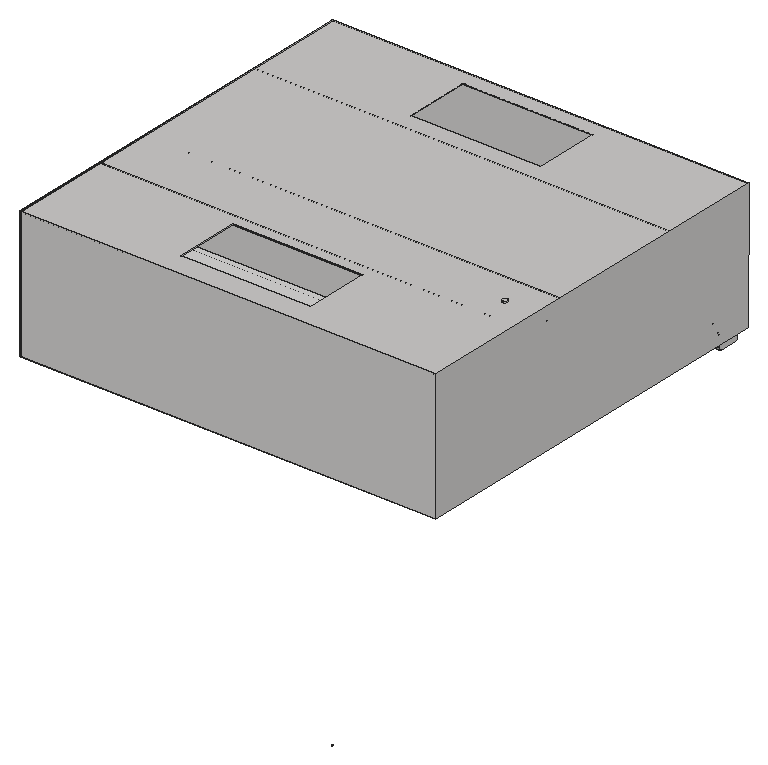
Revit family "QF_ELECTROLUXPROFESSIONAL_641258_STPF1516", category Specialty Equipment, Revit 2014
Reference planes
  plane 1: z = 0
  plane 2 "Center (Left/Right)": x = 150
  plane 3 "LEFT": x = -650
  plane 4 "RIGHT": x = 950
  plane 5 "BACK": y = 550
  plane 6 "TOP": z = 2500
  plane 7 "Base": z = 2000
  plane 8: z = 1955
  plane 9 "DrainY": y = 490
  plane 10: x = -647
  plane 11 "DrainX": x = 830
  plane 12 "AOLeft2": x = 400
  plane 13: x = 947
  plane 14: x = -450
  plane 15: x = 750
  plane 16 "Center (Front/Back)": y = -100
  plane 17 "Front": y = -950
  plane 18 "AOLeft1": x = -100
  plane 19: y = -864
  plane 20: y = -614
  plane 21: y = 240
  plane 22: y = 490
  plane 23 "EI_y": y = -470
  plane 24 "EIx": x = 830
Forms (mm)
  Extrusion 1, solid, material "QF_Finishes_Stainless Steel"
    sketch origin (-650, 0, 360) x (0, 1, 0) y (0, 0, 1)
      loop
        line (550, 1640) -> (550, 2140) -> (-950, 2140) -> (-950, 1640) -> (550, 1640)
    from 0 to 3
  Extrusion 2, solid, material "QF_Finishes_Stainless Steel"
    sketch origin (950, 0, 360) x (0, 1, 0) y (0, 0, 1)
      loop
        line (550, 1640) -> (550, 2140) -> (-950, 2140) -> (-950, 1640) -> (550, 1640)
    from 0 to -3
  Extrusion 3, solid, material "QF_Finishes_Stainless Steel"
    sketch origin (150, 0, 360) x (0, 1, 0) y (0, 0, 1)
      loop
        line (-950, 2140) -> (-950, 1640) -> (-940, 1640) -> (-940, 1640.8) -> (-949.2, 1640.8) -> (-949.2, 2139.19) -> (549.2, 2139.19) -> (549.2, 1640.8) -> (540, 1640.8) -> (540, 1640) -> (550, 1640) -> (550, 2140) -> (-950, 2140)
    from -800 to 800
  Extrusion 4, solid, material "QF_Finishes_Stainless Steel"
    sketch origin (0, 0, 2000) x (0, 1, 0) y (-1, 0, 0)
      loop
        circle (490, -830) r 4.763
    from -30 to 0
  Extrusion 5, void
    sketch origin (0, 0, 2500) x (0, 1, 0) y (-1, 0, 0)
      loop
        line (-614, -400) -> (-614, 100) -> (-864, 100) -> (-864, -400) -> (-614, -400)
    from 0 to -10
  Extrusion 6, solid, material "QF_Finishes_Stainless Steel"
    sketch origin (0, 0, 0) x (1, 0, 0) y (0, 1, 0)
      loop
        line (-650, 550) -> (-650, 549) -> (-649, 549) -> (-649, 550) -> (-650, 550)
    from 0 to 1
  Extrusion 7, solid, material "QF_LAMPS"
    sketch origin (150, 0, 360) x (0, 1, 0) y (0, 0, 1)
      loop
        line (-572.823, 1962.324) -> (-418.948, 2086.929) -> (-427.129, 2097.032) -> (-581.003, 1972.426) -> (-572.823, 1962.324)
    from 797 to -797
  Sweep 8, solid, material "QF_Finishes_Stainless Steel"
    path origin (0, 0, 0) x (1, 0, 0) y (0, 1, 0)
      loop
        line (950, 550) -> (-650, 550) -> (-650, -950) -> (950, -950) -> (950, 550)
    profile origin (950, -200, 0) x (1, 0, 0) y (0, 0, 1)
      loop
        line (-3, 2000) -> (-3, 2000.8) -> (-19, 2000.8) -> (-19, 2010) -> (-20, 2010) -> (-20, 2000) -> (-3, 2000)
  Extrusion 9, solid, material "QF_Finishes_Stainless Steel"
    sketch origin (150, 0, 0) x (0, 1, 0) y (0, 0, 1)
      loop
        line (414.66, 2095.469) -> (440.643, 2110.471) -> (261.744, 2411.771) -> (235.948, 2396.455) -> (414.66, 2095.469)
    from -797 to -600
  Extrusion 10, solid, material "QF_Finishes_Stainless Steel"
    sketch origin (830, 0, 0) x (0, 1, 0) y (0, 0, 1)
      loop
        line (539, 2000) -> (441, 2000) -> (441, 1989) -> (448.5, 1989) -> (448.5, 1965)
        arc (448.5, 1965) -> (451.429, 1957.929) -> (458.5, 1955) r 10
        line (458.5, 1955) -> (521.5, 1955)
        arc (521.5, 1955) -> (528.571, 1957.929) -> (531.5, 1965) r 10
        line (531.5, 1965) -> (531.5, 1989) -> (539, 1989) -> (539, 2000)
    from 90 to -90
  Extrusion 11, solid, material "QF_Finishes_Stainless Steel"
    sketch origin (150, 0, 0) x (0, 1, 0) y (0, 0, 1)
      loop
        line (414.66, 2095.469) -> (440.643, 2110.471) -> (261.744, 2411.771) -> (235.948, 2396.455) -> (414.66, 2095.469)
    from 600 to 797
  Extrusion 12, solid, material "QF_Finished_Chrome"
    sketch origin (150, 0, 0) x (0, 1, 0) y (0, 0, 1)
      loop
        line (414.66, 2095.469) -> (440.643, 2110.471) -> (261.744, 2411.771) -> (235.948, 2396.455) -> (414.66, 2095.469)
    from -600 to 600
  Extrusion 13, void
    sketch origin (0, 1180, 2500) x (0, 1, 0) y (-1, 0, 0)
      loop
        line (-690, -400) -> (-690, 100) -> (-940, 100) -> (-940, -400) -> (-690, -400)
    from 0 to -10
  Extrusion 14, solid, material "QF_Finishes_Stainless Steel"
    sketch origin (0, 0, 2500) x (0, 1, 0) y (-1, 0, 0)
      loop
        circle (-470, -830) r 10
    from 0 to 1.6
  Extrusion 15, solid, material "QF_Finishes_Stainless Steel"
    sketch origin (150, 0, 360) x (0, 1, 0) y (0, 0, 1)
      loop
        line (430.005, 1640) -> (540, 1640) -> (540, 1640.8) -> (430.467, 1640.8) -> (371.906, 1742.23) -> (414.858, 1734.657) -> (442.266, 1750.481) -> (442.266, 1765.943) -> (441.466, 1765.943) -> (441.466, 1750.943) -> (414.709, 1735.495) -> (321.153, 1751.991) -> (320.875, 1750.416) -> (371.4, 1741.507) -> (430.005, 1640)
      loop
        line (172.529, 2139.19) -> (242.893, 2017.316) -> (245.133, 2018.715) -> (240.13, 2027.381) -> (238.569, 2026.405) -> (173.453, 2139.19) -> (172.529, 2139.19)
    from -797 to 797
  Extrusion 16, solid, material "QF_Finishes_Stainless Steel"
    sketch origin (150, 200.8, 360) x (0, 1, 0) y (0, 0, 1)
      loop
        line (-1150, 2139.19) -> (-1150, 1640) -> (-1086.602, 1640) -> (-999.146, 1690.493) -> (-1010.058, 1709.394) -> (-1066.564, 1676.77) -> (-1114.704, 1680.982) -> (-1149.2, 1730.248) -> (-1149.2, 2139.19) -> (-1150, 2139.19)
      loop
        line (-773.6, 1961.694) -> (-781.937, 1971.99) -> (-769.095, 1982.182) -> (-769.095, 2139.19) -> (-769.895, 2139.19) -> (-769.895, 1982.569) -> (-1082.298, 1734.63) -> (-1071.091, 1720.79) -> (-773.6, 1961.694)
      loop
        line (-627.61, 2099.216) -> (-618.171, 2087.559) -> (-554.411, 2139.19) -> (-555.682, 2139.19) -> (-618.052, 2088.684) -> (-626.989, 2099.719) -> (-627.61, 2099.216)
    from -797 to 797
  Extrusion 17, solid, material "QF_Finishes_Stainless Steel"
    sketch origin (0, 0, 2500) x (0, 1, 0) y (-1, 0, 0)
      loop
        circle (-470, -830) r 10
    from 0 to 1.6
Cuts and joins
  Extrusion 5, Extrusion 13 cuts Extrusion 3
  joined: Extrusion 2, Extrusion 3, Sweep 8
Lines and regions (mm)
  symbolic lines, style "SpecialityEquipment", detail levels coarse
    curve 1: line (950, 550, 2500) -> (-650, 550, 2500)
    curve 2: line (-650, 550, 2500) -> (-650, -950, 2500)
    curve 3: line (950, -950, 2500) -> (950, 550, 2500)
    curve 4: line (-650, 550, 0) -> (950, -950, 0)
    curve 5: line (950, 550, 0) -> (-650, -950, 0)
    curve 6: line (-650, -950, 0) -> (950, -950, 0)
  symbolic lines, detail levels coarse
    curve 7: line (-100, 240, 2500) -> (400, 240, 2500)
    curve 8: line (-100, 490, 2500) -> (-100, 240, 2500)
    curve 9: line (400, 490, 2500) -> (-100, 490, 2500)
    curve 10: line (400, 240, 2500) -> (400, 490, 2500)
    curve 11: line (-100, -614, 2500) -> (400, -614, 2500)
    curve 12: line (-100, -864, 2500) -> (-100, -614, 2500)
    curve 13: line (400, -864, 2500) -> (-100, -864, 2500)
    curve 14: line (400, -614, 2500) -> (400, -864, 2500)
Dimensions and locks
  plane 3 "LEFT" to plane 4 "RIGHT" = 1600 mm
  equal spacing: plane 3 "LEFT", plane 2 "Center (Left/Right)", plane 4 "RIGHT"
  plane 7 "Base" to plane 8 = 45 mm
  plane 5 "BACK" to plane 9 "DrainY" = 60 mm  (x2)
  plane 3 "LEFT" to plane 10 = 3 mm
  plane 11 "DrainX" to plane 4 "RIGHT" = 120 mm
  plane 13 to plane 4 "RIGHT" = 3 mm
  plane 3 "LEFT" to plane 14 = 200 mm
  plane 15 to plane 4 "RIGHT" = 200 mm
  locked: plane 7 "Base" to level at 2000
  locked: plane 6 "TOP" to plane 7 "Base" at 500
  locked: plane 18 "AOLeft1" to plane 12 "AOLeft2" at 500
  locked: plane 20 to plane 19 at 250
  locked: plane 19 to plane 17 "Front" at 86
  locked: plane 22 to plane 21 at 250
  locked: plane 5 "BACK" to plane 22 at 60
  locked: plane 23 "EI_y" to plane 17 "Front" at 480
  locked: plane 24 "EIx" to plane 4 "RIGHT" at 120
  locked: plane 5 "BACK" to plane 17 "Front" at 1500
  plane 5 "BACK" to plane 17 "Front" = 1500 mm
  equal spacing: plane 18 "AOLeft1", plane 2 "Center (Left/Right)", plane 12 "AOLeft2"
  aligned and locked: level to plane 1
  aligned and locked: plane 4 "RIGHT" to Extrusion 3
  aligned and locked: Extrusion 3 to plane 3 "LEFT"
  aligned and locked: Extrusion 2 to plane 13
  aligned and locked: Extrusion 9 to plane 10
  aligned and locked: Extrusion 5 to plane 18 "AOLeft1"
  aligned and locked: Extrusion 5 to plane 12 "AOLeft2"
  aligned and locked: plane 14 to Extrusion 9
  aligned and locked: plane 15 to Extrusion 11
  aligned and locked: plane 13 to Extrusion 11
  aligned and locked: Extrusion 12 to plane 14
  aligned and locked: Extrusion 12 to plane 15
  aligned and locked: plane 13 to Extrusion 7
  aligned and locked: Extrusion 7 to plane 10
  aligned and locked: Extrusion 13 to plane 21
  aligned and locked: plane 22 to Extrusion 13
  aligned and locked: Extrusion 13 to plane 18 "AOLeft1"
  aligned and locked: Extrusion 13 to plane 12 "AOLeft2"
  aligned and locked: Extrusion 15 to plane 10
  aligned and locked: plane 13 to Extrusion 15
  aligned and locked: Extrusion 5 to plane 19
  aligned and locked: plane 20 to Extrusion 5
  aligned and locked: Extrusion 16 to plane 10
  aligned and locked: plane 13 to Extrusion 16
Automatic sketch dimensions
  curve 6 to plane 3 "LEFT" = 0 mm
  curve 4 to plane 3 "LEFT" = 0 mm
  curve 5 to plane 4 "RIGHT" = 0 mm
  curve 6 to plane 4 "RIGHT" = 0 mm
  curve 4 to plane 17 "Front" = 0 mm
  curve 5 to plane 5 "BACK" = 0 mm
  curve 4 to plane 5 "BACK" = 0 mm
  Extrusion 1 sketch curve to plane 7 "Base" = 0 mm
  Extrusion 1 sketch curve to plane 17 "Front" = 0 mm
  Extrusion 1 sketch curve to plane 5 "BACK" = 0 mm
  Extrusion 1 sketch curve to plane 6 "TOP" = 0 mm
  Extrusion 2 sketch curve to plane 7 "Base" = 0 mm
  Extrusion 2 sketch curve to plane 17 "Front" = 0 mm
  Extrusion 2 sketch curve to plane 5 "BACK" = 0 mm
  Extrusion 2 sketch curve to plane 6 "TOP" = 0 mm
  Extrusion 3 sketch curve to plane 6 "TOP" = 0 mm
  Extrusion 3 sketch curve to plane 17 "Front" = 0 mm
  Extrusion 3 sketch curve to plane 7 "Base" = 0 mm  (x2)
  Extrusion 3 sketch curve to plane 5 "BACK" = 0 mm
  plane 17 "Front" to Extrusion 3 sketch curve = 0.8 mm
  Extrusion 3 sketch curve to Extrusion 3 sketch curve = 9.2 mm
  plane 7 "Base" to Extrusion 3 sketch curve = 0.8 mm  (x2)
  Extrusion 3 sketch curve to plane 5 "BACK" = 10 mm
  Extrusion 3 sketch curve to plane 5 "BACK" = 0.8 mm
  Extrusion 3 sketch curve to plane 6 "TOP" = 0.81 mm
  Extrusion 4 sketch curve to plane 9 "DrainY" = 0 mm
  Extrusion 4 sketch curve to plane 11 "DrainX" = 0 mm
  Extrusion 5 sketch curve to plane 12 "AOLeft2" = 0 mm
  Extrusion 5 sketch curve to plane 19 = 0 mm
  Extrusion 5 sketch curve to plane 20 = 0 mm
  Extrusion 5 sketch curve to plane 18 "AOLeft1" = 0 mm
  Extrusion 6 sketch curve to plane 3 "LEFT" = 0 mm
  Extrusion 6 sketch curve to plane 5 "BACK" = 0 mm
  plane 3 "LEFT" to Extrusion 6 sketch curve = 1 mm
  Extrusion 6 sketch curve to Extrusion 6 sketch curve = 1 mm
  plane 20 to Extrusion 7 sketch curve = 32.997 mm
  Extrusion 7 sketch curve to Extrusion 7 sketch curve = 8.181 mm  (x2)
  plane 23 "EI_y" to Extrusion 7 sketch curve = 42.871 mm
  Extrusion 7 sketch curve to plane 6 "TOP" = 177.676 mm
  Extrusion 7 sketch curve to Extrusion 7 sketch curve = 10.102 mm
  Extrusion 7 sketch curve to plane 6 "TOP" = 53.071 mm
  Extrusion 7 sketch curve to Extrusion 7 sketch curve = 10.103 mm
  Sweep 8 sketch curve to plane 3 "LEFT" = 0 mm
  Sweep 8 sketch curve to plane 4 "RIGHT" = 0 mm
  Sweep 8 sketch curve to plane 17 "Front" = 0 mm
  Sweep 8 sketch curve to plane 5 "BACK" = 0 mm
  profile plane to Sweep 8 sketch curve = 20 mm
  Sweep 8 sketch curve to Sweep 8 sketch curve = 1 mm
  profile plane to Sweep 8 sketch curve = 3 mm
  level to Sweep 8 sketch curve = 2000 mm
  Sweep 8 sketch curve to Sweep 8 sketch curve = 0.8 mm
  Sweep 8 sketch curve to Sweep 8 sketch curve = 9.2 mm
  Extrusion 9 sketch curve to plane 21 = 4.052 mm
  plane 21 to Extrusion 9 sketch curve = 21.744 mm
  Extrusion 9 sketch curve to plane 9 "DrainY" = 75.34 mm
  Extrusion 9 sketch curve to Extrusion 9 sketch curve = 25.983 mm
  plane 7 "Base" to Extrusion 9 sketch curve = 95.469 mm
  Extrusion 9 sketch curve to Extrusion 9 sketch curve = 15.001 mm
  Extrusion 9 sketch curve to plane 6 "TOP" = 103.545 mm
  Extrusion 9 sketch curve to Extrusion 9 sketch curve = 15.316 mm
  Extrusion 10 sketch curve to plane 8 = 0 mm
  Extrusion 10 sketch curve to plane 7 "Base" = 11 mm  (x2)
  Extrusion 10 sketch curve to plane 9 "DrainY" = 49 mm
  Extrusion 10 sketch curve to Extrusion 10 sketch curve = 7.5 mm  (x2)
  Extrusion 10 sketch curve to Extrusion 10 sketch curve = 10 mm
  Extrusion 10 sketch curve to plane 5 "BACK" = 28.5 mm
  Extrusion 10 sketch curve to plane 5 "BACK" = 18.5 mm
  plane 7 "Base" to Extrusion 10 sketch curve = 0 mm
  Extrusion 11 sketch curve to plane 21 = 4.052 mm
  plane 21 to Extrusion 11 sketch curve = 21.744 mm
  Extrusion 11 sketch curve to plane 9 "DrainY" = 75.34 mm
  Extrusion 11 sketch curve to Extrusion 11 sketch curve = 25.983 mm
  plane 7 "Base" to Extrusion 11 sketch curve = 95.469 mm
  Extrusion 11 sketch curve to Extrusion 11 sketch curve = 15.001 mm
  Extrusion 11 sketch curve to plane 6 "TOP" = 103.545 mm
  Extrusion 11 sketch curve to Extrusion 11 sketch curve = 15.316 mm
  Extrusion 12 sketch curve to plane 21 = 4.052 mm
  plane 21 to Extrusion 12 sketch curve = 21.744 mm
  Extrusion 12 sketch curve to plane 9 "DrainY" = 75.34 mm
  Extrusion 12 sketch curve to Extrusion 12 sketch curve = 25.983 mm
  plane 7 "Base" to Extrusion 12 sketch curve = 95.469 mm
  Extrusion 12 sketch curve to Extrusion 12 sketch curve = 15.001 mm
  Extrusion 12 sketch curve to plane 6 "TOP" = 103.545 mm
  Extrusion 12 sketch curve to Extrusion 12 sketch curve = 15.316 mm
  Extrusion 13 sketch curve to plane 12 "AOLeft2" = 0 mm
  Extrusion 13 sketch curve to plane 21 = 0 mm
  Extrusion 13 sketch curve to plane 9 "DrainY" = 0 mm
  Extrusion 13 sketch curve to plane 18 "AOLeft1" = 0 mm
  Extrusion 14 sketch curve to plane 23 "EI_y" = 0 mm
  Extrusion 14 sketch curve to plane 24 "EIx" = 0 mm
  Extrusion 15 sketch curve to plane 7 "Base" = 0 mm
  Extrusion 15 sketch curve to plane 6 "TOP" = 0.81 mm
  Extrusion 15 sketch curve to plane 21 = 67.471 mm
  Extrusion 15 sketch curve to Extrusion 15 sketch curve = 0.924 mm
  Extrusion 15 sketch curve to plane 21 = 1.431 mm
  plane 21 to Extrusion 15 sketch curve = 0.13 mm
  plane 21 to Extrusion 15 sketch curve = 2.893 mm
  Extrusion 15 sketch curve to Extrusion 15 sketch curve = 2.24 mm
  plane 21 to Extrusion 15 sketch curve = 80.875 mm
  Extrusion 15 sketch curve to Extrusion 15 sketch curve = 0.278 mm
  Extrusion 15 sketch curve to Extrusion 15 sketch curve = 50.525 mm
  Extrusion 15 sketch curve to Extrusion 15 sketch curve = 0.506 mm
  Extrusion 15 sketch curve to Extrusion 15 sketch curve = 42.803 mm
  Extrusion 15 sketch curve to Extrusion 15 sketch curve = 0.148 mm
  Extrusion 15 sketch curve to plane 9 "DrainY" = 59.995 mm
  plane 7 "Base" to Extrusion 15 sketch curve = 0.8 mm
  Extrusion 15 sketch curve to Extrusion 15 sketch curve = 0.462 mm  (x2)
  Extrusion 15 sketch curve to Extrusion 15 sketch curve = 109.533 mm
  Extrusion 15 sketch curve to Extrusion 15 sketch curve = 26.757 mm
  Extrusion 15 sketch curve to Extrusion 15 sketch curve = 0.8 mm
  plane 7 "Base" to Extrusion 15 sketch curve = 94.657 mm
  Extrusion 15 sketch curve to Extrusion 15 sketch curve = 0.838 mm
  Extrusion 15 sketch curve to Extrusion 15 sketch curve = 6.012 mm
  Extrusion 15 sketch curve to Extrusion 15 sketch curve = 0.723 mm
  Extrusion 15 sketch curve to Extrusion 15 sketch curve = 14.986 mm
  Extrusion 15 sketch curve to Extrusion 15 sketch curve = 15 mm
  Extrusion 15 sketch curve to plane 6 "TOP" = 122.684 mm
  Extrusion 15 sketch curve to Extrusion 15 sketch curve = 1.399 mm
  Extrusion 15 sketch curve to Extrusion 15 sketch curve = 9.089 mm
  Extrusion 15 sketch curve to Extrusion 15 sketch curve = 0.975 mm
  Extrusion 16 sketch curve to plane 7 "Base" = 0 mm
  plane 17 "Front" to Extrusion 16 sketch curve = 0.8 mm
  Extrusion 16 sketch curve to Extrusion 16 sketch curve = 0.8 mm  (x2)
  plane 17 "Front" to Extrusion 16 sketch curve = 36.096 mm
  Extrusion 16 sketch curve to plane 19 = 21.802 mm
  Extrusion 16 sketch curve to plane 19 = 17.498 mm
  Extrusion 16 sketch curve to plane 19 = 6.291 mm
  Extrusion 16 sketch curve to plane 19 = 1.764 mm
  plane 19 to Extrusion 16 sketch curve = 54.742 mm
  Extrusion 16 sketch curve to Extrusion 16 sketch curve = 10.912 mm
  plane 20 to Extrusion 16 sketch curve = 32.863 mm
  Extrusion 16 sketch curve to Extrusion 16 sketch curve = 8.337 mm
  Extrusion 16 sketch curve to Extrusion 16 sketch curve = 12.042 mm
  plane 23 "EI_y" to Extrusion 16 sketch curve = 43.19 mm
  Extrusion 16 sketch curve to Extrusion 16 sketch curve = 0.622 mm
  Extrusion 16 sketch curve to Extrusion 16 sketch curve = 9.44 mm
  Extrusion 16 sketch curve to Extrusion 16 sketch curve = 0.118 mm
  Extrusion 16 sketch curve to plane 6 "TOP" = 0.81 mm  (x3)
  Extrusion 16 sketch curve to Extrusion 16 sketch curve = 62.37 mm
  Extrusion 16 sketch curve to Extrusion 16 sketch curve = 1.271 mm
  plane 7 "Base" to Extrusion 16 sketch curve = 36.77 mm
  plane 7 "Base" to Extrusion 16 sketch curve = 40.982 mm
  plane 7 "Base" to Extrusion 16 sketch curve = 50.493 mm
  Extrusion 16 sketch curve to Extrusion 16 sketch curve = 18.901 mm
  Extrusion 16 sketch curve to Extrusion 16 sketch curve = 44.02 mm
  Extrusion 16 sketch curve to Extrusion 16 sketch curve = 49.266 mm
  Extrusion 16 sketch curve to Extrusion 16 sketch curve = 13.84 mm
  Extrusion 16 sketch curve to plane 6 "TOP" = 178.306 mm
  Extrusion 16 sketch curve to Extrusion 16 sketch curve = 10.296 mm
  Extrusion 16 sketch curve to Extrusion 16 sketch curve = 10.192 mm
  Extrusion 16 sketch curve to Extrusion 16 sketch curve = 0.386 mm
  Extrusion 16 sketch curve to plane 6 "TOP" = 52.441 mm
  Extrusion 16 sketch curve to Extrusion 16 sketch curve = 1.125 mm
  Extrusion 17 sketch curve to plane 23 "EI_y" = 0 mm
  Extrusion 17 sketch curve to plane 24 "EIx" = 0 mm
  curve 2 to plane 3 "LEFT" = 0 mm
  curve 2 to plane 17 "Front" = 0 mm
  curve 3 to plane 4 "RIGHT" = 0 mm
  curve 3 to plane 17 "Front" = 0 mm
  curve 13 to plane 18 "AOLeft1" = 0 mm
  curve 13 to plane 19 = 0 mm
  curve 14 to plane 12 "AOLeft2" = 0 mm
  curve 14 to plane 20 = 0 mm
  curve 7 to plane 18 "AOLeft1" = 0 mm
  curve 7 to plane 21 = 0 mm
  curve 8 to plane 9 "DrainY" = 0 mm
  curve 2 to plane 5 "BACK" = 0 mm
  curve 10 to plane 12 "AOLeft2" = 0 mm
  radius of Extrusion 4 sketch curve = 4.763 mm
  radius of Extrusion 14 sketch curve = 10 mm
  radius of Extrusion 17 sketch curve = 10 mm
Connectors
  piping at (830, 490, 1970), diameter 9.5
    settings: on Extrusion 4, index 1, connector inside diameter 609.6 mm, connector length 0 mm, flow factor 0, pipe flow 0.0 L/s, pressure drop 0.0 Pa, fitting loss kfactor 0, connector angle 0.00°, fixture units 0, engagement length 0 mm, angle of deflection 0.00°, flow configuration 1, flow direction 2, fitting loss method 0, system type 16, joint type 0, gender type 0, connector reference index -1, connector utility 0, adjustable connector no, is connector primary yes, connector description "Drain"
  hvac at (150, -739, 2500)
    settings: on Extrusion 5, index 2, duct flow 0.0 L/s, flow factor 0, pres drop 0.0 Pa, loss coef 0, conn angle 0.00°, conn width 250 mm, conn height 500 mm, conn diameter 609.6 mm, duct sys type 1, conn prof type 1, flow config 1, flow direction 1, loss method 0, conn ref index -1, conn util no, is conn primary yes, conn desc "AIR INLET"
  hvac at (150, 365, 2500)
    settings: on Extrusion 13, index 4, duct flow 0.0 L/s, flow factor 0, pres drop 0.0 Pa, loss coef 0, conn angle 0.00°, conn width 250 mm, conn height 500 mm, conn diameter 609.6 mm, duct sys type 3, conn prof type 1, flow config 1, flow direction 2, loss method 0, conn ref index -1, conn util no, is conn primary no, conn desc "EXHAUST OUTLET"
  electrical at (830, -470, 2501.6)
    settings: on Extrusion 14, index 6, voltage 0 V, apparent load 0 VA, apparent load phase1 0 VA, apparent load phase2 0 VA, apparent load phase3 0 VA, power factor 1, load classification "Other", number of poles 1, system type 30, power factor state 1, is connector primary yes, connector utility no, sub classification motor no, connector description "Electrical Connection"
  electrical at (830, -470, 2501.6)
    settings: on Extrusion 17, index 12, voltage 0 V, apparent load 0 VA, apparent load phase1 0 VA, apparent load phase2 0 VA, apparent load phase3 0 VA, power factor 1, load classification "Other", number of poles 1, system type 30, power factor state 1, is connector primary no, connector utility no, sub classification motor no, connector description ""
